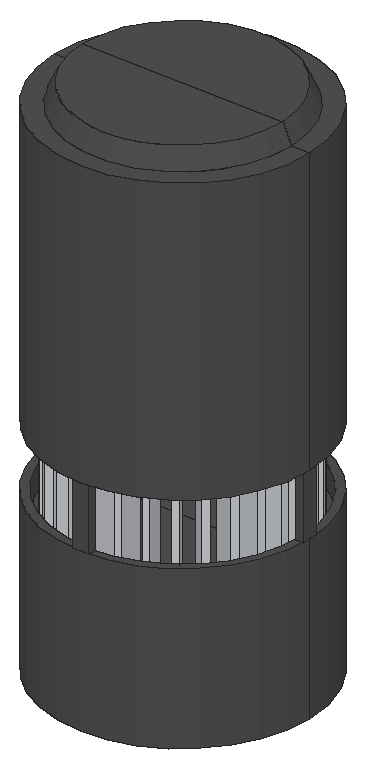
Revit family "METEOR_Atria II 6_REVIT_File (Standard)", category Lighting Fixtures, host Ceiling, Revit 2017
Family settings
  Host = Ceiling
  Round Connector Dimension = Use Diameter
  Part Type = Normal
  OmniClass Number = 23.80.70.11
  OmniClass Title = Luminaries for Internal Lighting
  Always vertical = Yes
  Cut with Voids When Loaded = No
  Light Source = Yes
  Shared = No
  Room Calculation Point = No
Parameters (values of type "ASII6-100W-408-WD")
  Wattage Comments = ""
  Wattage = 64.1644 W
  built-in parameter 1150110 = 1 (stored number, unit not read)
  built-in parameter 1114217 = 1 (stored number, unit not read)
  built-in parameter 1150109 = 1 (stored number, unit not read)
  built-in parameter 1150134 = 12
  built-in parameter 1150113 = 1 (stored number, unit not read)
  Lumens = 9531.1 lm
  built-in parameter 1150115 = 1 (stored number, unit not read)
  built-in parameter 1150105 = 758.46 (stored number, unit not read)
  built-in parameter 1150137 = (empty or 0)
  built-in parameter 1150139 = (empty or 0)
  built-in parameter 1150112 = 1 (stored number, unit not read)
  built-in parameter 1150114 = 1 (stored number, unit not read)
  Lamp = "ASII6-100W-408-WD"
  built-in parameter 1150132 = 2
  built-in parameter 1150102 = (empty or 0)
  built-in parameter 1150138 = (empty or 0)
  built-in parameter 1150107 = 4000 (stored number, unit not read)
  built-in parameter 1150106 = 7.5846 (stored number, unit not read)
  built-in parameter 1150104 = 13.8 (stored number, unit not read)
  Dimming Lamp Color Temperature Shift = <None>
  Color Filter = 16777215
  built-in parameter 1114218 = 1 (stored number, unit not read)
  built-in parameter 1150133 = 10 (stored number, unit not read)
  Photometric Web File = "ASII6-100-408-XXX-XXX-WD-XXX-DF.ies"
  Tilt Angle = 90.00°
Types (48, lengths in mm): name | Wattage | built-in parameter 1150134 | Lumens | built-in parameter 1150105 | Lamp | built-in parameter 1150107 | built-in parameter 1150106 | Photometric Web File
  ASII6-60W-278-40 | 48.4503 W | (empty or 0) | 7196.9 lm | 572.71 (stored number, unit not read) | "ASII6-60W-278-40" | 2700 (stored number, unit not read) | 5.7271 (stored number, unit not read) | "ASII6-60-278-XXX-XXX-40-XXX.ies"
  ASII6-60W-278-60 | 51.4972 W | (empty or 0) | 7649.5 lm | 608.73 (stored number, unit not read) | "ASII6-60W-278-60" | 2700 (stored number, unit not read) | 6.0873 (stored number, unit not read) | "ASII6-60-278-XXX-XXX-60-XXX.ies"
  ASII6-60W-278-WD | 41.222 W | (empty or 0) | 6123.2 lm | 4000.7 (stored number, unit not read) | "ASII6-60W-278-WD" | 2700 (stored number, unit not read) | 40.007 (stored number, unit not read) | "ASII6-60-278-XXX-XXX-WD-XXX-DF.ies"
  ASII6-60W-308-40 | 32.0993 W | (empty or 0) | 4768.1 lm | 3115.3 (stored number, unit not read) | "ASII6-60W-308-40" | 3000 (stored number, unit not read) | 31.153 (stored number, unit not read) | "ASII6-60-308-XXX-XXX-40-XXX.ies"
  ASII6-60W-308-60 | 54.1322 W | (empty or 0) | 8040.9 lm | 639.87 (stored number, unit not read) | "ASII6-60W-308-60" | 3000 (stored number, unit not read) | 6.3987 (stored number, unit not read) | "ASII6-60-308-XXX-XXX-60-XXX.ies"
  ASII6-60W-308-WD | 43.2531 W | (empty or 0) | 6424.9 lm | 4197.9 (stored number, unit not read) | "ASII6-60W-308-WD" | 3000 (stored number, unit not read) | 41.979 (stored number, unit not read) | "ASII6-60-308-XXX-XXX-WD-XXX-DF.ies"
  ASII6-60W-358-40 | 51.8332 W | (empty or 0) | 7699.4 lm | 5030.6 (stored number, unit not read) | "ASII6-60W-358-40" | 3500 (stored number, unit not read) | 50.306 (stored number, unit not read) | "ASII6-60-358-XXX-XXX-40-XXX.ies"
  ASII6-60W-358-60 | 54.7226 W | (empty or 0) | 8128.6 lm | 5311 (stored number, unit not read) | "ASII6-60W-358-60" | 3500 (stored number, unit not read) | 53.11 (stored number, unit not read) | "ASII6-60-358-XXX-XXX-60-XXX.ies"
  ASII6-60W-358-WD | 44.1094 W | (empty or 0) | 6552.1 lm | 521.4 (stored number, unit not read) | "ASII6-60W-358-WD" | 3500 (stored number, unit not read) | 5.214 (stored number, unit not read) | "ASII6-60-358-XXX-XXX-WD-XXX-DF.ies"
  ASII6-60W-408-40 | 54.4822 W | 12 | 8092.9 lm | 644.01 (stored number, unit not read) | "ASII6-60W-408-40" | 4000 (stored number, unit not read) | 6.4401 (stored number, unit not read) | "ASII6-60-408-XXX-XXX-40-XXX.ies"
  ASII6-40W-278-40 | 30.5671 W | (empty or 0) | 4540.5 lm | 361.32 (stored number, unit not read) | "ASII6-40W-278-40" | 2700 (stored number, unit not read) | 3.6132 (stored number, unit not read) | "ASII6-40-278-XXX-XXX-40-XXX.ies"
  ASII6-40W-278-60 | 32.4797 W | (empty or 0) | 4824.6 lm | 383.93 (stored number, unit not read) | "ASII6-40W-278-60" | 2700 (stored number, unit not read) | 3.8393 (stored number, unit not read) | "ASII6-40-278-XXX-XXX-60-XXX.ies"
  ASII6-40W-278-WD | 25.7658 W | (empty or 0) | 3827.3 lm | 304.57 (stored number, unit not read) | "ASII6-40W-278-WD" | 2700 (stored number, unit not read) | 3.0457 (stored number, unit not read) | "ASII6-40-278-XXX-XXX-WD-XXX-DF.ies"
  ASII6-60W-408-60 | 57.8214 W | 12 | 8588.9 lm | 683.48 (stored number, unit not read) | "ASII6-60W-408-60" | 4000 (stored number, unit not read) | 6.8348 (stored number, unit not read) | "ASII6-60-408-XXX-XXX-60-XXX.ies"
  ASII6-60W-408-WD | 46.3371 W | 12 | 6883 lm | 547.73 (stored number, unit not read) | "ASII6-60W-408-WD" | 4000 (stored number, unit not read) | 5.4773 (stored number, unit not read) | "ASII6-60-408-XXX-XXX-WD-XXX-DF.ies"
  ASII6-40W-308-40 | 32.0993 W | (empty or 0) | 4768.1 lm | 3115.4 (stored number, unit not read) | "ASII6-40W-308-40" | 3000 (stored number, unit not read) | 31.154 (stored number, unit not read) | "ASII6-40-308-XXX-XXX-40-XXX.ies"
  ASII6-40W-308-60 | 34.1439 W | (empty or 0) | 5071.8 lm | 403.6 (stored number, unit not read) | "ASII6-40W-308-60" | 3000 (stored number, unit not read) | 4.036 (stored number, unit not read) | "ASII6-40-308-XXX-XXX-60-XXX.ies"
  ASII6-40W-308-WD | 27.0281 W | (empty or 0) | 4014.8 lm | 319.49 (stored number, unit not read) | "ASII6-40W-308-WD" | 3000 (stored number, unit not read) | 3.1949 (stored number, unit not read) | "ASII6-40-308-XXX-XXX-WD-XXX-DF.ies"
  ASII6-40W-358-40 | 32.6911 W | (empty or 0) | 4856 lm | 386.43 (stored number, unit not read) | "ASII6-40W-358-40" | 3500 (stored number, unit not read) | 3.8643 (stored number, unit not read) | "ASII6-40-358-XXX-XXX-40-XXX.ies"
  ASII6-40W-358-60 | 34.7087 W | (empty or 0) | 5155.7 lm | 410.28 (stored number, unit not read) | "ASII6-40W-358-60" | 3500 (stored number, unit not read) | 4.1028 (stored number, unit not read) | "ASII6-40-358-XXX-XXX-60-XXX.ies"
  ASII6-40W-358-WD | 27.5686 W | (empty or 0) | 4095.1 lm | 325.88 (stored number, unit not read) | "ASII6-40W-358-WD" | 3500 (stored number, unit not read) | 3.2588 (stored number, unit not read) | "ASII6-40-358-XXX-XXX-WD-XXX-DF.ies"
  ASII6-40W-408-40 | 34.3378 W | 12 | 5100.6 lm | 3332.6 (stored number, unit not read) | "ASII6-40W-408-40" | 4000 (stored number, unit not read) | 33.326 (stored number, unit not read) | "ASII6-40-408-XXX-XXX-40-XXX.ies"
  ASII6-40W-408-60 | 34.7478 W | 12 | 5161.5 lm | 410.74 (stored number, unit not read) | "ASII6-40W-408-60" | 4000 (stored number, unit not read) | 4.1074 (stored number, unit not read) | "ASII6-40-408-XXX-XXX-60-XXX.ies"
  ASII6-40W-408-WD | 28.9083 W | 12 | 4294.1 lm | 2805.7 (stored number, unit not read) | "ASII6-40W-408-WD" | 4000 (stored number, unit not read) | 28.057 (stored number, unit not read) | "ASII6-40-408-XXX-XXX-WD-XXX-DF.ies"
  ASII6-80W-278-40 | 59.2392 W | (empty or 0) | 8799.5 lm | 700.24 (stored number, unit not read) | "ASII6-80W-278-40" | 2700 (stored number, unit not read) | 7.0024 (stored number, unit not read) | "ASII6-80-278-XXX-XXX-40-XXX.ies"
  ASII6-80W-278-60 | 62.8913 W | (empty or 0) | 9342 lm | 743.41 (stored number, unit not read) | "ASII6-80W-278-60" | 2700 (stored number, unit not read) | 7.4341 (stored number, unit not read) | "ASII6-80-278-XXX-XXX-60-XXX.ies"
  ASII6-80W-278-WD | 50.2935 W | (empty or 0) | 7470.7 lm | 594.5 (stored number, unit not read) | "ASII6-80W-278-WD" | 2700 (stored number, unit not read) | 5.945 (stored number, unit not read) | "ASII6-80-278-XXX-XXX-WD-XXX-DF.ies"
  ASII6-80W-308-40 | 63.3706 W | (empty or 0) | 9413.2 lm | 749.08 (stored number, unit not read) | "ASII6-80W-308-40" | 3000 (stored number, unit not read) | 7.4908 (stored number, unit not read) | "ASII6-80-308-XXX-XXX-40-XXX.ies"
  ASII6-80W-308-60 | 67.3008 W | (empty or 0) | 9997 lm | 795.54 (stored number, unit not read) | "ASII6-80W-308-60" | 3000 (stored number, unit not read) | 7.9554 (stored number, unit not read) | "ASII6-80-308-XXX-XXX-60-XXX.ies"
  ASII6-80W-308-WD | 53.8144 W | (empty or 0) | 7993.7 lm | 636.12 (stored number, unit not read) | "ASII6-80W-308-WD" | 3000 (stored number, unit not read) | 6.3612 (stored number, unit not read) | "ASII6-80-308-XXX-XXX-60-XXX.ies"
  ASII6-80W-358-40 | 67.1871 W | (empty or 0) | 9980.1 lm | 794.19 (stored number, unit not read) | "ASII6-80W-358-40" | 3500 (stored number, unit not read) | 7.9419 (stored number, unit not read) | "ASII6-80-358-XXX-XXX-40-XXX.ies"
  ASII6-80W-358-60 | 70.3175 W | (empty or 0) | 10445.1 lm | 831.19 (stored number, unit not read) | "ASII6-80W-358-60" | 3500 (stored number, unit not read) | 8.3119 (stored number, unit not read) | "ASII6-80-358-XXX-XXX-60-XXX.ies"
  ASII6-80W-358-WD | 56.3275 W | (empty or 0) | 8367 lm | 665.82 (stored number, unit not read) | "ASII6-80W-358-WD" | 3500 (stored number, unit not read) | 6.6582 (stored number, unit not read) | "ASII6-80-358-XXX-XXX-WD-XXX-DF.ies"
  ASII6-80W-408-40 | 69.1872 W | 12 | 10277.2 lm | 817.83 (stored number, unit not read) | "ASII6-80W-408-40" | 4000 (stored number, unit not read) | 8.1783 (stored number, unit not read) | "ASII6-80-408-XXX-XXX-40-XXX.ies"
  ASII6-80W-408-60 | 73.5025 W | 12 | 10918.2 lm | 868.84 (stored number, unit not read) | "ASII6-80W-408-60" | 4000 (stored number, unit not read) | 8.6884 (stored number, unit not read) | "ASII6-80-408-XXX-XXX-60-XXX.ies"
  ASII6-80W-408-WD | 57.0317 W | 12 | 8471.6 lm | 674.15 (stored number, unit not read) | "ASII6-80W-408-WD" | 4000 (stored number, unit not read) | 6.7415 (stored number, unit not read) | "ASII6-80-408-XXX-XXX-WD-XXX-DF.ies"
  ASII6-100W-278-40 | 72.3647 W | (empty or 0) | 10749.2 lm | 855.39 (stored number, unit not read) | "ASII6-100W-278-40" | 2700 (stored number, unit not read) | 8.5539 (stored number, unit not read) | "ASII6-100-278-XXX-XXX-40-XXX.ies"
  ASII6-100W-278-60 | 71.7023 W | (empty or 0) | 10650.8 lm | 847.56 (stored number, unit not read) | "ASII6-100W-278-60" | 2700 (stored number, unit not read) | 8.4756 (stored number, unit not read) | "ASII6-100-278-XXX-XXX-60-XXX.ies"
  ASII6-100W-278-WD | 57.1078 W | (empty or 0) | 8482.9 lm | 5542.6 (stored number, unit not read) | "ASII6-100W-278-WD" | 2700 (stored number, unit not read) | 55.426 (stored number, unit not read) | "ASII6-100-278-XXX-XXX-WD-XXX-DF.ies"
  ASII6-100W-308-40 | 78.1395 W | (empty or 0) | 11607 lm | 7583.8 (stored number, unit not read) | "ASII6-100W-308-40" | 3000 (stored number, unit not read) | 75.838 (stored number, unit not read) | "ASII6-100-308-XXX-XXX-40-XXX.ies"
  ASII6-100W-308-60 | 77.7888 W | (empty or 0) | 11554.9 lm | 919.51 (stored number, unit not read) | "ASII6-100W-308-60" | 3000 (stored number, unit not read) | 9.1951 (stored number, unit not read) | "ASII6-100-308-XXX-XXX-60-XXX.ies"
  ASII6-100W-308-WD | 61.5967 W | (empty or 0) | 9149.7 lm | 728.11 (stored number, unit not read) | "ASII6-100W-308-WD" | 3000 (stored number, unit not read) | 7.2811 (stored number, unit not read) | "ASII6-100-308-XXX-XXX-WD-XXX-DF.ies"
  ASII6-100W-358-40 | 79.8003 W | (empty or 0) | 11853.7 lm | 943.29 (stored number, unit not read) | "ASII6-100W-358-40" | 3500 (stored number, unit not read) | 9.4329 (stored number, unit not read) | "ASII6-100-358-XXX-XXX-40-XXX.ies"
  ASII6-100W-358-60 | 80.5382 W | (empty or 0) | 11963.3 lm | 952.01 (stored number, unit not read) | "ASII6-100W-358-60" | 3500 (stored number, unit not read) | 9.5201 (stored number, unit not read) | "ASII6-100-358-XXX-XXX-60-XXX.ies"
  ASII6-100W-358-WD | 63.2353 W | (empty or 0) | 9393.1 lm | 747.48 (stored number, unit not read) | "ASII6-100W-358-WD" | 3500 (stored number, unit not read) | 7.4748 (stored number, unit not read) | "ASII6-100-358-XXX-XXX-WD-XXX-DF.ies"
  ASII6-100W-408-40 | 80.7738 W | 12 | 11998.3 lm | 954.79 (stored number, unit not read) | "ASII6-100W-408-40" | 4000 (stored number, unit not read) | 9.5479 (stored number, unit not read) | "ASII6-100-408-XXX-XXX-40-XXX.ies"
  ASII6-100W-408-60 | 80.7072 W | 12 | 11988.4 lm | 954.01 (stored number, unit not read) | "ASII6-100W-408-60" | 4000 (stored number, unit not read) | 9.5401 (stored number, unit not read) | "ASII6-100-408-XXX-XXX-60-XXX.ies"
  ASII6-100W-408-WD | 64.1644 W | 12 | 9531.1 lm | 758.46 (stored number, unit not read) | "ASII6-100W-408-WD" | 4000 (stored number, unit not read) | 7.5846 (stored number, unit not read) | "ASII6-100-408-XXX-XXX-WD-XXX-DF.ies"
Reference planes
  plane 1 "光源軸 (F/B)": y = 0
  plane 2: z = 0
  plane 3 "光源軸 (L/R)": x = 0
  plane 4 "天花板": z = 4000
  plane 5 "光源立面": z = 3656.042
Forms (mm)
  Revolve 1, solid, material "Meteor lighting - 室內烤漆-黑"
    sketch origin (0, 0, 0) x (1, 0, 0) y (0, 0, 1)
      loop
        line (0, 4000) -> (0, 3818) -> (78, 3818) -> (78, 3803) -> (83, 3803) -> (83, 3988) -> (71, 3988) -> (65, 4000) -> (0, 4000)
      loop
        line (83, 3763) -> (78, 3763) -> (78, 3748) -> (0, 3748) -> (0, 3738) -> (43, 3738) -> (73, 3658) -> (83, 3658) -> (83, 3763)
      axis (0, 4000) -> (0, 3658)
    angle from 0 to 360
  Extrusion 2, solid, material "Meteor lighting - 室內烤漆-黑"
    sketch origin (0, 0, 4000) x (0, 1, 0) y (-1, 0, 0)
      loop
        arc (4.971, 82.838) -> (-0.029, 82.989) -> (-5.029, 82.838) r 83.004
        line (-5.029, 82.838) -> (-5.029, 77.853)
        arc (-5.029, 77.853) -> (-0.029, 78.013) -> (4.971, 77.853) r 78.029
        line (4.971, 77.853) -> (4.971, 82.838)
      loop
        arc (-82.882, 4.985) -> (-83.033, -0.015) -> (-82.882, -5.015) r 83.004
        line (-82.882, -5.015) -> (-77.897, -5.015)
        arc (-77.897, -5.015) -> (-78.057, -0.015) -> (-77.897, 4.985) r 78.029
        line (-77.897, 4.985) -> (-82.882, 4.985)
      loop
        arc (4.971, -77.883) -> (-0.029, -78.044) -> (-5.029, -77.883) r 78.029
        line (-5.029, -77.883) -> (-5.029, -82.869)
        arc (-5.029, -82.869) -> (-0.029, -83.019) -> (4.971, -82.869) r 83.004
        line (4.971, -82.869) -> (4.971, -77.883)
      loop
        line (77.84, -5.015) -> (82.825, -5.015)
        arc (82.825, -5.015) -> (82.976, -0.015) -> (82.825, 4.985) r 83.004
        line (82.825, 4.985) -> (77.84, 4.985)
        arc (77.84, 4.985) -> (78, -0.015) -> (77.84, -5.015) r 78.029
    from -237 to -197
  Extrusion 3, solid
    sketch origin (0, 0, 4000) x (0, 1, 0) y (-1, 0, 0)
      loop
        line (72.973, 2) -> (52.973, 2) -> (52.973, -2) -> (72.973, -2) -> (72.973, 2)
    from -252 to -182
  Extrusion 4, solid
    sketch origin (0.006, 0.003, 4000) x (0.207912, 0.978148, 0) y (-0.978148, 0.207912, 0)
      loop
        line (72.973, 2) -> (52.973, 2) -> (52.973, -2) -> (72.973, -2) -> (72.973, 2)
    from -252 to -182
  Extrusion 5, solid
    sketch origin (0.013, 0.004, 4000) x (0.406737, 0.913545, 0) y (-0.913545, 0.406737, 0)
      loop
        line (72.973, 2) -> (52.973, 2) -> (52.973, -2) -> (72.973, -2) -> (72.973, 2)
    from -252 to -182
  Extrusion 6, solid
    sketch origin (0.02, 0.003, 4000) x (0.587785, 0.809017, 0) y (-0.809017, 0.587785, 0)
      loop
        line (72.973, 2) -> (52.973, 2) -> (52.973, -2) -> (72.973, -2) -> (72.973, 2)
    from -252 to -182
  Extrusion 7, solid
    sketch origin (0.026, 0.002, 4000) x (0.743145, 0.669131, 0) y (-0.669131, 0.743145, 0)
      loop
        line (72.973, 2) -> (52.973, 2) -> (52.973, -2) -> (72.973, -2) -> (72.973, 2)
    from -252 to -182
  Extrusion 8, solid
    sketch origin (0.032, -0.001, 4000) x (0.866025, 0.5, 0) y (-0.5, 0.866025, 0)
      loop
        line (72.973, 2) -> (52.973, 2) -> (52.973, -2) -> (72.973, -2) -> (72.973, 2)
    from -252 to -182
  Extrusion 9, solid
    sketch origin (0.038, -0.005, 4000) x (0.951057, 0.309017, 0) y (-0.309017, 0.951057, 0)
      loop
        line (72.973, 2) -> (52.973, 2) -> (52.973, -2) -> (72.973, -2) -> (72.973, 2)
    from -252 to -182
  Extrusion 10, solid
    sketch origin (0.042, -0.011, 4000) x (0.994522, 0.104528, 0) y (-0.104528, 0.994522, 0)
      loop
        line (72.973, 2) -> (52.973, 2) -> (52.973, -2) -> (72.973, -2) -> (72.973, 2)
    from -252 to -182
  Extrusion 11, solid
    sketch origin (0.045, -0.017, 4000) x (0.994522, -0.104528, 0) y (0.104528, 0.994522, 0)
      loop
        line (72.973, 2) -> (52.973, 2) -> (52.973, -2) -> (72.973, -2) -> (72.973, 2)
    from -252 to -182
  Extrusion 12, solid
    sketch origin (0.047, -0.023, 4000) x (0.951057, -0.309017, 0) y (0.309017, 0.951057, 0)
      loop
        line (72.973, 2) -> (52.973, 2) -> (52.973, -2) -> (72.973, -2) -> (72.973, 2)
    from -252 to -182
  Extrusion 13, solid
    sketch origin (0.047, -0.03, 4000) x (0.866025, -0.5, 0) y (0.5, 0.866025, 0)
      loop
        line (72.973, 2) -> (52.973, 2) -> (52.973, -2) -> (72.973, -2) -> (72.973, 2)
    from -252 to -182
  Extrusion 14, solid
    sketch origin (0.046, -0.036, 4000) x (0.743145, -0.669131, 0) y (0.669131, 0.743145, 0)
      loop
        line (72.973, 2) -> (52.973, 2) -> (52.973, -2) -> (72.973, -2) -> (72.973, 2)
    from -252 to -182
  Extrusion 15, solid
    sketch origin (0.044, -0.043, 4000) x (0.587785, -0.809017, 0) y (0.809017, 0.587785, 0)
      loop
        line (72.973, 2) -> (52.973, 2) -> (52.973, -2) -> (72.973, -2) -> (72.973, 2)
    from -252 to -182
  Extrusion 16, solid
    sketch origin (0.041, -0.048, 4000) x (0.406737, -0.913545, 0) y (0.913545, 0.406737, 0)
      loop
        line (72.973, 2) -> (52.973, 2) -> (52.973, -2) -> (72.973, -2) -> (72.973, 2)
    from -252 to -182
  Extrusion 17, solid
    sketch origin (0.036, -0.053, 4000) x (0.207912, -0.978148, 0) y (0.978148, 0.207912, 0)
      loop
        line (72.973, 2) -> (52.973, 2) -> (52.973, -2) -> (72.973, -2) -> (72.973, 2)
    from -252 to -182
  Extrusion 18, solid
    sketch origin (0.03, -0.057, 4000) x (0, -1, 0) y (1, 0, 0)
      loop
        line (72.973, 2) -> (52.973, 2) -> (52.973, -2) -> (72.973, -2) -> (72.973, 2)
    from -252 to -182
  Extrusion 19, solid
    sketch origin (0.024, -0.06, 4000) x (-0.207912, -0.978148, 0) y (0.978148, -0.207912, 0)
      loop
        line (72.973, 2) -> (52.973, 2) -> (52.973, -2) -> (72.973, -2) -> (72.973, 2)
    from -252 to -182
  Extrusion 20, solid
    sketch origin (0.017, -0.061, 4000) x (-0.406737, -0.913545, 0) y (0.913545, -0.406737, 0)
      loop
        line (72.973, 2) -> (52.973, 2) -> (52.973, -2) -> (72.973, -2) -> (72.973, 2)
    from -252 to -182
  Extrusion 21, solid
    sketch origin (0.011, -0.061, 4000) x (-0.587785, -0.809017, 0) y (0.809017, -0.587785, 0)
      loop
        line (72.973, 2) -> (52.973, 2) -> (52.973, -2) -> (72.973, -2) -> (72.973, 2)
    from -252 to -182
  Extrusion 22, solid
    sketch origin (0.004, -0.059, 4000) x (-0.743145, -0.669131, 0) y (0.669131, -0.743145, 0)
      loop
        line (72.973, 2) -> (52.973, 2) -> (52.973, -2) -> (72.973, -2) -> (72.973, 2)
    from -252 to -182
  Extrusion 23, solid
    sketch origin (-0.002, -0.056, 4000) x (-0.866025, -0.5, 0) y (0.5, -0.866025, 0)
      loop
        line (72.973, 2) -> (52.973, 2) -> (52.973, -2) -> (72.973, -2) -> (72.973, 2)
    from -252 to -182
  Extrusion 24, solid
    sketch origin (-0.007, -0.052, 4000) x (-0.951057, -0.309017, 0) y (0.309017, -0.951057, 0)
      loop
        line (72.973, 2) -> (52.973, 2) -> (52.973, -2) -> (72.973, -2) -> (72.973, 2)
    from -252 to -182
  Extrusion 25, solid
    sketch origin (-0.012, -0.047, 4000) x (-0.994522, -0.104528, 0) y (0.104528, -0.994522, 0)
      loop
        line (72.973, 2) -> (52.973, 2) -> (52.973, -2) -> (72.973, -2) -> (72.973, 2)
    from -252 to -182
  Extrusion 26, solid
    sketch origin (-0.015, -0.041, 4000) x (-0.994522, 0.104528, 0) y (-0.104528, -0.994522, 0)
      loop
        line (72.973, 2) -> (52.973, 2) -> (52.973, -2) -> (72.973, -2) -> (72.973, 2)
    from -252 to -182
  Extrusion 27, solid
    sketch origin (-0.017, -0.034, 4000) x (-0.951057, 0.309017, 0) y (-0.309017, -0.951057, 0)
      loop
        line (72.973, 2) -> (52.973, 2) -> (52.973, -2) -> (72.973, -2) -> (72.973, 2)
    from -252 to -182
  Extrusion 28, solid
    sketch origin (-0.017, -0.027, 4000) x (-0.866025, 0.5, 0) y (-0.5, -0.866025, 0)
      loop
        line (72.973, 2) -> (52.973, 2) -> (52.973, -2) -> (72.973, -2) -> (72.973, 2)
    from -252 to -182
  Extrusion 29, solid
    sketch origin (-0.016, -0.021, 4000) x (-0.743145, 0.669131, 0) y (-0.669131, -0.743145, 0)
      loop
        line (72.973, 2) -> (52.973, 2) -> (52.973, -2) -> (72.973, -2) -> (72.973, 2)
    from -252 to -182
  Extrusion 30, solid
    sketch origin (-0.014, -0.014, 4000) x (-0.587785, 0.809017, 0) y (-0.809017, -0.587785, 0)
      loop
        line (72.973, 2) -> (52.973, 2) -> (52.973, -2) -> (72.973, -2) -> (72.973, 2)
    from -252 to -182
  Extrusion 31, solid
    sketch origin (-0.01, -0.009, 4000) x (-0.406737, 0.913545, 0) y (-0.913545, -0.406737, 0)
      loop
        line (72.973, 2) -> (52.973, 2) -> (52.973, -2) -> (72.973, -2) -> (72.973, 2)
    from -252 to -182
  Extrusion 32, solid
    sketch origin (-0.006, -0.004, 4000) x (-0.207912, 0.978148, 0) y (-0.978148, -0.207912, 0)
      loop
        line (72.973, 2) -> (52.973, 2) -> (52.973, -2) -> (72.973, -2) -> (72.973, 2)
    from -252 to -182
Dimensions and locks
  equal spacing: host sketch curve, plane 3 "光源軸 (L/R)", host sketch curve
  equal spacing: host sketch curve, plane 1 "光源軸 (F/B)", host sketch curve
  host sketch curve to host sketch curve = 4000 mm  (x2)
  locked: plane 4 "天花板" to host ceiling at 0
  plane 3 "光源軸 (L/R)" to Extrusion 2 = 4.985 mm
  aligned and locked: plane 5 "光源立面" to imposter light
  aligned and locked: host ceiling to Revolve 1 sketch curve
